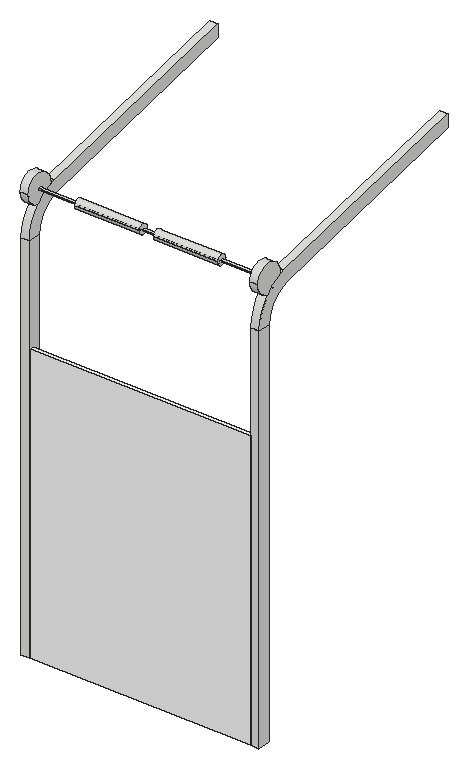
Revit family "Cruiserweight-HL-312P", category Generic Models, host Wall, Revit 2023
Family settings
  Host = Wall
  Can host rebar = No
  Round Connector Dimension = Use Diameter
  Part Type = Normal
  Always vertical = Yes
  Cut with Voids When Loaded = Yes
  Maintain Annotation Orientation = No
  Shared = No
  Room Calculation Point = No
Parameters (values of type "8' x 10'")
  VerticalTrack = TrackHeight - (1' 6")  # 13' - 6"
  Type Comments = "Insulated"  # constant formula
  TrackWidth = 0' - 3 1/2"
  TrackHeight = OpeningHeight + HeadRoom  # 15' - 0"
  TrackDepth = 0' - 5 3/8"
  PanelSize = 2' - 0"  # constant formula
  OpeningWidth = 8' - 0"
  OpeningHeight = 10' - 0"
  Model = "Cruiserweight"  # constant formula
  Manufacturer = "TKO"  # constant formula
  HorizTrack = OpeningHeight - HeadRoom + 2' 0"  # 7' - 0"
  HeadRoom = 5' - 0"  # constant formula
  DoorThk = 0' - 1 3/4"  # constant formula
  Description = "Sectional Door"  # constant formula
  Default Elevation = 0' - 0"
Types (16): name | VerticalTrack | TrackHeight | TrackDepth | OpeningWidth | OpeningHeight | HorizTrack
  (no name) | 13' - 6" | 15' - 0" | 0' - 5 3/8" | 8' - 0" | 10' - 0" | 7' - 0"
  8' x 10' | 13' - 6" | 15' - 0" | 0' - 5 3/8" | 8' - 0" | 10' - 0" | 7' - 0"
  9' x 10' | 13' - 6" | 15' - 0" | 0' - 5 3/8" | 9' - 0" | 10' - 0" | 7' - 0"
  10' x 10' | 13' - 6" | 15' - 0" | 0' - 5 3/8" | 10' - 0" | 10' - 0" | 7' - 0"
  10' x 11' | 14' - 6" | 16' - 0" | 0' - 5 5/8" | 10' - 0" | 11' - 0" | 8' - 0"
  9' x 11' | 14' - 6" | 16' - 0" | 0' - 5 3/8" | 9' - 0" | 11' - 0" | 8' - 0"
  8' x 11' | 14' - 6" | 16' - 0" | 0' - 5 3/8" | 8' - 0" | 11' - 0" | 8' - 0"
  10' x 12' | 15' - 6" | 17' - 0" | 0' - 5 3/8" | 10' - 0" | 12' - 0" | 9' - 0"
  8' x 12' | 15' - 6" | 17' - 0" | 0' - 5 3/8" | 8' - 0" | 12' - 0" | 9' - 0"
  9' x 12' | 15' - 6" | 17' - 0" | 0' - 5 3/8" | 9' - 0" | 12' - 0" | 9' - 0"
  10' x 8' | 11' - 6" | 13' - 0" | 0' - 5 3/8" | 10' - 0" | 8' - 0" | 5' - 0"
  10' x 9' | 12' - 6" | 14' - 0" | 0' - 5 3/8" | 10' - 0" | 9' - 0" | 6' - 0"
  8' x 9' | 12' - 6" | 14' - 0" | 0' - 5 3/8" | 8' - 0" | 9' - 0" | 6' - 0"
  8' x 8' | 11' - 6" | 13' - 0" | 0' - 5 3/8" | 8' - 0" | 8' - 0" | 5' - 0"
  9' x 9' | 12' - 6" | 14' - 0" | 0' - 5 3/8" | 9' - 0" | 9' - 0" | 6' - 0"
  9' x 8' | 12' - 6" | 14' - 0" | 0' - 5 3/8" | 9' - 0" | 9' - 0" | 6' - 0"
Reference planes (in)
  plane 1: y = 0
  plane 2 "Center (Left/Right)": x = 0
  plane 3 "Wall Edge": y = 3
  plane 4: x = -48
  plane 5: x = 48
  plane 6: z = 120
  plane 7: y = 3
  plane 8: y = 4.75
  plane 9: z = 24
  plane 10: z = 48
  plane 11: z = 72
  plane 12: x = -51.5
  plane 13: x = 51.5
  plane 14: y = 8.375
  plane 15: z = 180
  plane 16: z = 96
  plane 17: z = 120
  plane 18: x = -3
  plane 19: x = 3
  plane 20: x = 31
  plane 21: x = -31
  plane 22: z = 162
  plane 23: y = 21
  plane 24: y = 105
  plane 25: y = 12
Forms (in)
  Extrusion 1, void
    sketch origin (0, 3, 0) x (1, 0, 0) y (0, 0, 1)
      loop
        line (48, 120) -> (-48, 120) -> (-48, 0) -> (48, 0) -> (48, 120)
    from 0 to 6
  Extrusion 2, solid, material "DOOR PANEL"
    sketch origin (0, 0, 0) x (1, 0, 0) y (0, 1, 0)
      loop
        line (-48, 4.75) -> (-48, 3) -> (48, 3) -> (48, 4.75) -> (-48, 4.75)
    from 0 to 120
  Extrusion 3, solid, material "Steel"
    sketch origin (0, 0, 0) x (1, 0, 0) y (0, 1, 0)
      loop
        line (-51.5, 8.375) -> (-51.5, 3) -> (-48, 3) -> (-48, 8.375) -> (-51.5, 8.375)
      loop
        line (48, 8.375) -> (48, 3) -> (51.5, 3) -> (51.5, 8.375) -> (48, 8.375)
    from 0 to 162
  Extrusion 4, solid, material "Steel"
    sketch origin (0, 0, 0) x (0, 1, 0) y (0, 0, 1)
      loop
        circle (8.375, 180) r 6
    from 48 to 51.5
  Extrusion 5, solid, material "Steel"
    sketch origin (0, -25.36813, -5.48201) x (0, 1, 0) y (0, 0, -1)
      loop
        circle (33.74313, -185.48201) r 6
    from 48 to 51.5
  Extrusion 6, solid, material "Steel"
    sketch origin (0, 0, 0) x (0, 1, 0) y (0, 0, 1)
      loop
        circle (8.375, 180) r 0.5
    from -48 to 48
  Extrusion 7, solid, material "Steel"
    sketch origin (0, 0, 0) x (0, 1, 0) y (0, 0, 1)
      loop
        circle (8.375, 180) r 2
    from 3 to 31
  Extrusion 8, solid, material "Steel"
    sketch origin (0, 0, 0) x (0, 1, 0) y (0, 0, -1)
      loop
        circle (8.375, -180) r 2
    from 3 to 31
  Extrusion 9, solid, material "Steel"
    sketch origin (0, 0, 0) x (0, 1, 0) y (0, 0, 1)
      loop
        line (3, 162) -> (8.375, 162)
        arc (8.375, 162) -> (11.05136, 169.77273) -> (17.94574, 174.24998) r 12.625
        line (17.94574, 174.24998) -> (105, 195.95505) -> (105, 201.4946) -> (16.64541, 179.46532)
        arc (16.64541, 179.46532) -> (6.81581, 173.08191) -> (3, 162) r 18
    from 48 to 51.5
  Extrusion 10, solid, material "Steel"
    sketch origin (0, 0, 0) x (0, 1, 0) y (0, 0, -1)
      loop
        arc (3, -162) -> (6.81581, -173.08191) -> (16.64541, -179.46532) r 18
        line (16.64541, -179.46532) -> (105, -201.4946) -> (105, -195.95505) -> (17.94574, -174.24998)
        arc (17.94574, -174.24998) -> (11.05136, -169.77273) -> (8.375, -162) r 12.625
        line (8.375, -162) -> (3, -162)
    from 48 to 51.5
Cuts and joins
  joined: Extrusion 3, Extrusion 4, Extrusion 5
Lines and regions (in)
  model lines
    curve 1: line (48, 3, 24) -> (-48, 3, 24)
    curve 2: line (-48, 3, 48) -> (48, 3, 48)
    curve 3: line (48, 3, 72) -> (-48, 3, 72)
    curve 4: line (48, 3, 96) -> (-48, 3, 96)
    curve 5: line (48, 3, 120) -> (-48, 3, 120)
Text (in)
  text "Placement Side" at (0, 40.15149, 123.01588), in view "Right"
  text "Placement Side" at (-70.3804, 83.26548, 0), in view "Ref. Level"
  text "Placement Side" at (0, 81.62555, 140.59947), in view "Left"
Dimensions and locks (in)
  locked: plane 3 "Wall Edge" to host wall
  equal spacing: plane 5, plane 2 "Center (Left/Right)", plane 4
  "OpeningWidth": plane 5 to plane 4
  "DoorThk": plane 7 to plane 8
  "TrackDepth": plane 14 to plane 7
  "TrackWidth": plane 12 to plane 4
  "TrackWidth": plane 5 to plane 13
  "PanelSize": plane 9 to level
  equal spacing: plane 17, plane 16, plane 11, plane 10, plane 9, level
  "OpeningHeight": level to plane 6
  equal spacing: plane 18, plane 2 "Center (Left/Right)", plane 19, locked at 3 each
  locked: plane 21 to plane 18 at 28
  locked: plane 19 to plane 20 at 28
  "VerticalTrack": level to plane 22
  "HeadRoom": plane 6 to plane 15
  locked: plane 7 to plane 23 at 18
  "HorizTrack": plane 24 to plane 23
  locked: plane 7 to plane 25 at 9
  host wall to Extrusion 3 = 0' - 8 3/8"
  radius of Extrusion 4 sketch curve = 0' - 6"
  radius of Extrusion 5 sketch curve = 0' - 6"
  radius of Extrusion 6 sketch curve = 0' - 0 1/2"
  radius of Extrusion 7 sketch curve = 0' - 2"
  radius of Extrusion 8 sketch curve = 0' - 2"
  radius of Extrusion 9 sketch curve = 1' - 6"
  radius of Extrusion 9 sketch curve = 1' - 0 5/8"
  radius of Extrusion 10 sketch curve = 1' - 6"
  radius of Extrusion 10 sketch curve = 1' - 0 5/8"
  locked: plane 22 to Extrusion 9 sketch curve (angle 14.00°)  (x2)
  aligned and locked: host wall to plane 7
  aligned and locked: Extrusion 1 sketch curve to plane 5
  aligned and locked: Extrusion 1 sketch curve to plane 4
  aligned and locked: Extrusion 1 to plane 7
  aligned and locked: host wall to Extrusion 1
  aligned and locked: Extrusion 2 to plane 3 "Wall Edge"
  aligned and locked: plane 8 to Extrusion 2
  aligned and locked: Extrusion 2 to plane 6
  aligned and locked: Extrusion 3 sketch curve to plane 14  (x2)
  aligned and locked: Extrusion 3 sketch curve to plane 12
  aligned and locked: curve 1 to Extrusion 3 sketch curve
  aligned and locked: plane 5 to Extrusion 3 sketch curve
  aligned and locked: Extrusion 3 sketch curve to plane 7
  aligned and locked: Extrusion 3 sketch curve to plane 13
  aligned and locked: plane 15 to Extrusion 4 sketch curve
  aligned and locked: Extrusion 4 to plane 13
  aligned and locked: Extrusion 4 to plane 5
  aligned and locked: plane 4 to Extrusion 5
  aligned and locked: Extrusion 5 to plane 12
  aligned and locked: curve 2 to plane 10
  aligned and locked: curve 3 to plane 11
  aligned and locked: curve 1 to plane 9
  aligned and locked: plane 5 to Extrusion 6
  aligned and locked: Extrusion 6 to plane 4
  aligned and locked: cut or joined group of Extrusion 3, Extrusion 4, Extrusion 5 to level
  aligned and locked: Extrusion 2 to level
  aligned and locked: curve 4 to plane 16
  aligned and locked: curve 5 to plane 17
  aligned and locked: level to Extrusion 2
  aligned and locked: Extrusion 1 sketch curve to level
  aligned and locked: Extrusion 1 sketch curve to plane 6
  aligned and locked: plane 15 to Extrusion 7 sketch curve
  aligned and locked: plane 14 to Extrusion 7 sketch curve
  aligned and locked: Extrusion 7 to plane 20
  aligned and locked: plane 19 to Extrusion 7
  aligned and locked: Extrusion 8 to plane 18
  aligned and locked: plane 21 to Extrusion 8
  aligned and locked: plane 15 to Extrusion 8 sketch curve
  aligned and locked: Extrusion 8 sketch curve to plane 14
  aligned and locked: plane 22 to cut or joined group of Extrusion 3, Extrusion 4, Extrusion 5
  aligned and locked: plane 24 to Extrusion 9 sketch curve
  aligned and locked: plane 22 to Extrusion 9 sketch curve
  aligned and locked: plane 13 to Extrusion 9
  aligned and locked: Extrusion 9 to plane 5
  aligned and locked: Extrusion 10 to plane 12
  aligned and locked: plane 4 to Extrusion 10
  aligned and locked: plane 24 to Extrusion 10
  aligned and locked: Extrusion 10 to plane 22
  aligned and locked: Extrusion 9 to Extrusion 10  (x2)
  aligned and locked: Extrusion 9 to plane 22
  aligned and locked: plane 24 to Extrusion 9
  aligned and locked: Extrusion 10 sketch curve to Extrusion 9  (x2)
  aligned and locked: Extrusion 10 sketch curve to plane 24
  aligned and locked: Extrusion 10 sketch curve to plane 22
  aligned and locked: plane 15 to Extrusion 5 sketch curve
  aligned and locked: Extrusion 2 to cut or joined group of Extrusion 3, Extrusion 4, Extrusion 5
  aligned and locked: Extrusion 2 to plane 5
  aligned and locked: cut or joined group of Extrusion 3, Extrusion 4, Extrusion 5 to plane 4
Automatic sketch dimensions
  Extrusion 2 sketch curve to host wall = 0' - 0"
  plane 4 to Extrusion 2 sketch curve = 0' - 0"
  plane 5 to Extrusion 2 sketch curve = 0' - 0"
  Extrusion 2 sketch curve to plane 8 = 0' - 0"
  curve 3 to plane 4 = 0' - 0"
  curve 1 to plane 4 = 0' - 0"
  curve 2 to plane 4 = 0' - 0"
  curve 4 to plane 4 = 0' - 0"
  curve 5 to plane 4 = 0' - 0"
  curve 4 to plane 5 = 0' - 0"
  curve 2 to plane 5 = 0' - 0"
  curve 5 to plane 5 = 0' - 0"
  curve 1 to plane 5 = 0' - 0"
  curve 3 to plane 5 = 0' - 0"
  plane 4 to Extrusion 3 sketch curve = 0' - 0"
  Extrusion 3 sketch curve to plane 13 = 0' - 0"
  Extrusion 6 sketch curve to plane 15 = 0' - 0"
  Extrusion 9 sketch curve to Extrusion 9 sketch curve = 0' - 0"
  Extrusion 9 sketch curve to host wall = 0' - 0"
  Extrusion 9 sketch curve to plane 15 = 0' - 0.53468"
  Extrusion 9 sketch curve to plane 23 = 0' - 3.05426"
  Extrusion 10 sketch curve to plane 15 = 0' - 0.53468"
  Extrusion 10 sketch curve to plane 23 = 0' - 3.05426"
  Extrusion 5 sketch curve to plane 14 = 0' - 0"
  Extrusion 4 sketch curve to plane 14 = 0' - 0"
  Extrusion 6 sketch curve to plane 14 = 0' - 0"
